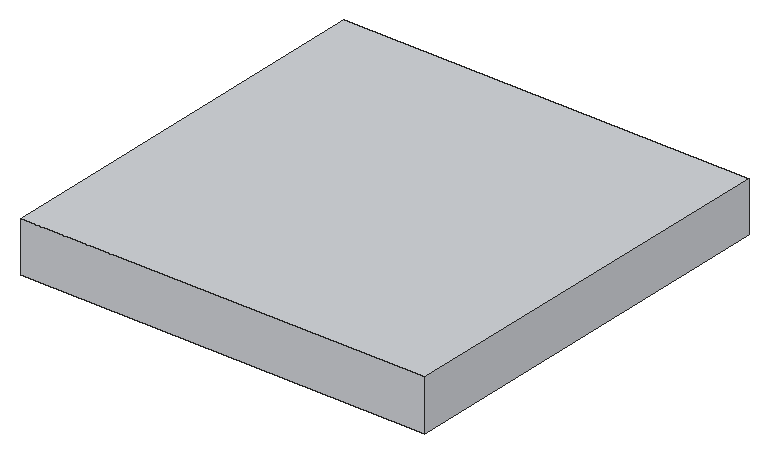
Revit family "Sanitary_Showers_DELABIE_2541-Recessed-mechanical-shower-mixer", category Appareils sanitaires, Revit 2018
Family settings
  Hôte = Face
  Cote de connecteur circulaire = Utiliser le diamètre
  Type d'élément = Normal
  Couper avec des vides une fois chargée = Non
  Partagée = Non
  Point de calcul de pièce = Non
Parameters
  Default Elevation = 1219.2 mm
Reference planes
  plane 1 "Centre (avant/arrière)": y = 0
  plane 2: z = 0
  plane 3 "Centre (gauche/droite)": x = 0
Forms (mm)
  Extrusion 1, solid
    sketch origin (0, 0, 0) x (1, 0, 0) y (0, 1, 0)
      loop
        line (-1219.2, 1219.2) -> (-1219.2, -1219.2) -> (1219.2, -1219.2) -> (1219.2, 1219.2) -> (-1219.2, 1219.2)
    from 0 to -304.8
Dimensions and locks
  aligned and locked: plane 2 to Extrusion 1
  aligned and locked: level to Extrusion 1
Nested families
  nested 1: "Sanitary_Showers_DELABIE_2541-Recessed-mechanical-shower-mixer" at (0, 0, 0), type "Default"
Definition of nested family "Sanitary_Showers_DELABIE_2541-Recessed-mechanical-shower-mixer"
  Parameters (values of type "Default")
    Youtube clip = ""
    Uniformat II Description = ""
    Uniformat II Code = ""
    Uniclass 2015 Name = "Sanitary fittings and accessories"
    Uniclass 2015 Code = "Pr_40_20"
    Uniclass 2.0 Description = "Shower Mixers"
    Uniclass 2.0 Code = "PR-35-06-82"
    Uniclass 1.4 Description = "Showers"
    Uniclass 1.4 Code = "L7214"
    UNSPSC Code = "301815"
    Technical description = "https://www.delabie.com/products/2541"
    Region South America = "AR, BO, BR, CL, CO, EC, FK, GF, GY, PE, PY, SR, UY, VE"
    Region Oceania = "AU, FJ, NC, NZ, PG, SB, TL, VU"
    Region North America = "BS, BZ, CA, CR, CU, DO, GL, GT, HN, HT, JM, MX, NI, PA, PR, SV, TT, US"
    Region Middle East = "AE, AF, EG, IL, IQ, IR, JO, KW, LB, OM, PS, QA, SA, SY, TR, YE"
    Region Europe = "AL, AT, BA, BE, BG, BY, CH, CY, CZ, DE, DK, EE, ES, FI, FR, GB, GR, HR, HU, IE, IS, IT, LT, LU, LV, MD, ME, MK, NL, NO, PL, PT, RO, RS, RU, SE, SI, SJ, SK, UA"
    Region Asia = "AM, AZ, BD, BN, BT, CN, GE, ID, IN, JP, KG, KH, KP, KR, KZ, LA, LK, MM, MN, MY, NP, PH, PK, TH, TJ, TM, TW, UZ, VN"
    Region Antarctica = "TF"
    Region Africa = "AO, BF, BI, BJ, BW, CD, CF, CG, CI, CM, DJ, DZ, EH, ER, ET, GA, GH, GM, GN, GQ, GW, KE, LR, LS, LY, MA, MG, ML, MR, MW, MZ, NA, NE, NG, RW, SD, SL, SN, SO, SS, SZ, TD, TG, TN, TZ, UG, ZA, ZM, ZW"
    QR code = "http://bimobject.com/delabie/product/2541"
    Product url = "https://www.delabie.com/products/2541"
    Product name = "2541 Recessed mechanical shower mixer"
    Product group = "Shower mixer"
    Product family = "Sanitary"
    Product data url = "https://bimobject.com/delabie/product/2541"
    Product certification = "https://www.delabie.com/products/2541"
    Product SKU = "2541"
    Product Guid = "aecd68d0-ca66-48ed-b33b-e49b5d9014ab"
    OmniClass Description = "Faucets"
    OmniClass Code = "23-31 11 00"
    NBS Reference Description = "Shower Mixers"
    NBS Reference Code = "35-06-82"
    Material secondary = ""
    Material main = "Brass"
    Masterformat 2014 Description = "Mixers"
    Masterformat 2014 Code = "41 14 33"
    Manufacturer name = "DELABIE"
    Manufacturer country = "France"
    Installation instructions = "https://www.delabie.com/products/2541"
    IFC Classification = "Sanitary Terminal"
    GTIN code = "https://3456330188821"
    Edition number = 1
    Design country = "France"
    Date of publishing = ""
    COBIe Type Category = ""
    Brand url = "http://www.delabie.com"
    BOS_1_Visibility = yes
    BOS_1_Material = none
    BOS_0_Visibility = yes
    BOS_0_Material = none
    BIMobject main category code = "sanitary"
    BIMobject main category = "Sanitary"
    BIMobject category code = "showers"
    BIMobject category = "Showers"
  Reference planes
    plane 1 "Center (Front/Back)": y = 0
    plane 2: z = 0
    plane 3 "Center (Left/Right)": x = 0
  Dimensions and locks
    aligned and locked: plane 2 to level
  Imported bodies without a history: 1
